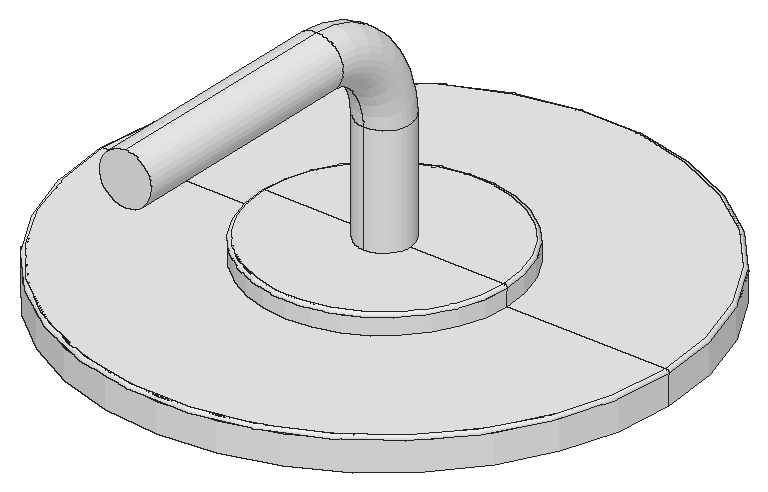
Revit family "Trim-Handle-Waterworks-Flyte-Thermostatic_Controlq", category Plumbing Fixtures, host Face, Revit 2014
Parameters (values of type "NOT A TYPE - Load Type Catalog")
  ‌Installation Requirements or Notes = "Requires 1/2'' valve rough GUTH56 (USA) or GU56TH (UK) sold separately"  # constant formula
  Waste Connection = 1 = 0  # no
  Warranty = "http://www.waterworks.com/warranty"
  Version = "2014 - v1.0a"  # constant formula
  Vent Connection = 1 = 0  # no
  Support Phone = "(224) 699-9545"  # constant formula
  Support Email = "mailto:support@anguleris.com"
  Model SKU = if(and(Constraint = 1, ControlM = 1), "05-78610-04662", if(and(Constraint = 1, ControlM = 2), "05-09015-72663", if(and(Constraint = 1, ControlM = 3), "05-56005-51168", if(and(Constraint = 1, ControlM = 4), "05-92204-10618", if(and(Constraint = 2, ControlM = 5), "05-35585-21642", if(and(Constraint = 2, ControlM = 6), "05-44467-86764", if(and(Constraint = 2, ControlM = 7), "05-21214-09374", if(and(Constraint = 2, ControlM = 8), "05-52306-92587", "Not Available"))))))))  # "05-78610-04662"
  Manufacturer Email = "mailto:acallanan@waterworks.com"
  Lever Handles = if(Constraint = 1, 1 = 1, 1 = 0)  # yes
  Length = 0' - 5 1/2"  # constant formula
  Keynote = "22 40 00"
  Hot Limit Safety Stop = 1 = 0  # no
  Height = 0' - 5 1/2"  # constant formula
  HW Connection = 1 = 1  # yes
  WFU = 0
  URL = "http://www.waterworks.com/"
  Product Page URL = "http://www.waterworks.com/flyte-thermostatic-control-valve-trim-with-metal-lever-handle-flth10"
  Product Name = if(Constraint = 1, "Flyte Thermostatic Control Valve Trim with Metal Lever Handle", "Flyte Thermostatic Control Valve Trim with Metal Cross Handle")  # "Flyte Thermostatic Control Valve Trim with Metal Lever Handle"
  Product Documentation Link = "http://assets.waterworks.com/wasset/30/original/35830.pdf"
  Model = if(Constraint = 1, "FLTH10", "FLTH01")  # "FLTH10"
  Material = ""
  Manufacturer Phone Number = "(203)546-6201"  # constant formula
  Manufacturer Address = "60 Backus Avenue, Danbury, CT 06810"  # constant formula
  Manufacturer = "Waterworks"  # constant formula
  HWFU = 0
  Fittings Hole Diameter = 0' - 4 1/2"  # constant formula
  Finish = Metal - Waterworks - Chrome
  Diverter Valve Rough-in Depth Minimum = 0' - 3 1/4"  # constant formula
  Diverter Valve Rough-in Depth Maximum = 0' - 4 1/4"  # constant formula
  Description = if(and(Constraint = 1, ControlM = 1), "Flyte Thermostatic Control Valve Trim with Metal Lever Handle in Chrome", if(and(Constraint = 1, ControlM = 2), "Flyte Thermostatic Control Valve Trim with Metal Lever Handle in Graphite", if(and(Constraint = 1, ControlM = 3), "Flyte Thermostatic Control Valve Trim with Metal Lever Handle in Nickel", if(and(Constraint = 1, ControlM = 4), "Flyte Thermostatic Control Valve Trim with Metal Lever Handle in Unlacquered Brass", if(and(Constraint = 2, ControlM = 5), "Flyte Thermostatic Control Valve Trim with Metal Cross Handle in Chrome", if(and(Constraint = 2, ControlM = 6), "Flyte Thermostatic Control Valve Trim with Metal Cross Handle in Graphite", if(and(Constraint = 2, ControlM = 7), "Flyte Thermostatic Control Valve Trim with Metal Cross Handle in Nickel", if(and(Constraint = 2, ControlM = 8), "Flyte Thermostatic Control Valve Trim with Metal Cross Handle in Unlacquered Brass", "Not Available"))))))))  # "Flyte Thermostatic Control Valve Trim with Metal Lever Handle in Chrome"
  Depth = 0' - 2 5/8"  # constant formula
  Default Elevation = 2' - 10"
  Cross Handles = not(Lever Handles)  # no
  Copyright = "@2017 Waterworks Operating Company LLC. All rights reserved"  # constant formula
  ControlM = 1
  Control Valve Rough-in Depth Minimum = 0' - 3 1/4"  # constant formula
  Control Valve Rough-in Depth Maximum = 0' - 4 1/4"  # constant formula
  Constraint = 1
  Code Compliance = if(Constraint = 1, "Code # FLSV10: Complies with ASME A112.18.1/CSA B125.1, ASTM E 1621-05, ANSI A117.1 ADA. Certified with IAPMO, cUPC & State of MA", "Code # FLSV01: Complies with ASME A112.18.1/CSA B125.1, ASTM E 1621-05, ANSI A117.1 ADA. Certified with IAPMO, cUPC & State of MA")  # "Code # FLSV10: Complies with ASME A112.18.1/CSA B125.1, ASTM E 1621-05, ANSI A117.1 ADA. Certified with IAPMO, cUPC & State of MA"
  Certification cUPC = 1 = 1  # yes
  Certification State of MA = 1 = 1  # yes
  Certification IAPMO = 1 = 1  # yes
  CWFU = 0
  CW Connection = 1 = 1  # yes
  Assembly Code = "D2010"
  Anti-scald Protection = 1 = 0  # no
  ADA Compliant = 1 = 1  # yes
Reference planes (in)
  plane 1 "Center (Front/Back)": y = 0
  plane 2 "Bottom": z = 0
  plane 3 "Center (Left/Right)": x = 0
  plane 4 "Top": z = 2.625
  plane 5 "Left": x = -2.75
  plane 6 "Right": x = 2.75
  plane 7 "Back": y = 2.75
  plane 8 "Front": y = -2.75
  plane 9: z = 2.375
  plane 10: z = 0.5
  plane 11: y = -3.125
  plane 12: z = 0.3125
Forms (in)
  Revolve 1, solid, material "Metal - Waterworks - Chrome" <- "Finish"
    sketch origin (0, 0, 0) x (1, 0, 0) y (0, 0, 1)
      loop
        line (-1.1875, 0.3125) -> (-2.71875, 0.3125)
        arc (-2.71875, 0.3125) -> (-2.74085, 0.30335) -> (-2.75, 0.28125) r 0.03125
        line (-2.75, 0.28125) -> (-2.75, 0) -> (0, 0) -> (0, 0.5) -> (-1.15625, 0.5)
        arc (-1.15625, 0.5) -> (-1.17835, 0.49085) -> (-1.1875, 0.46875) r 0.03125
        line (-1.1875, 0.46875) -> (-1.1875, 0.3125)
      axis (0, 0.5) -> (0, 0)
    angle from 0 to 360
  Extrusion 2, solid, material "Metal - Waterworks - Chrome" <- "Finish", visible <- "Cross Handles"
    sketch origin (0, 0, 0) x (1, 0, 0) y (0, 1, 0)
      loop
        circle (0, 0) r 0.25
    from 0.5 to 2.375
  Sweep 3, solid, material "Metal - Waterworks - Chrome" <- "Finish", visible <- "Cross Handles"
    path origin (-6, -180, 2.375) x (-1, 0, 0) y (0, -1, 0)
      loop
        line (-6.97227, -179.02773) -> (-5.02773, -180.97227)
    profile origin (0, 0, 2.375) x (-0.707107, -0.707107, 0) y (0, 0, 1)
      loop
        circle (0, 0) r 0.25
  Sweep 4, solid, material "Metal - Waterworks - Chrome" <- "Finish", visible <- "Cross Handles"
    path origin (-6, -180, 2.375) x (-1, 0, 0) y (0, -1, 0)
      loop
        line (-5.02773, -179.02773) -> (-6.97227, -180.97227)
    profile origin (0, 0, 2.375) x (-0.707107, 0.707107, 0) y (0, 0, 1)
      loop
        circle (0, 0) r 0.25
  Sweep 5, solid, material "Metal - Waterworks - Chrome" <- "Finish", visible <- "Lever Handles"
    path origin (0, 0, 0) x (0, 1, 0) y (0, 0, 1)
      loop
        line (0, 0.5) -> (0, 1.5625)
        arc (0, 1.5625) -> (-0.23798, 2.13702) -> (-0.8125, 2.375) r 0.8125
        line (-0.8125, 2.375) -> (-3.125, 2.375)
    profile origin (0, 0, 1.03125) x (0, -1, 0) y (1, 0, 0)
      loop
        circle (0, 0) r 0.25
Lines and regions (in)
  Masking region 1, visible <- "Lever Handles", detail levels medium+fine
    outline origin (0, 1.1875, 3.625) x (0, 0, -1) y (-1, 0, 0)
      loop
        line (3.625, -2.75) -> (3.625, 2.75) -> (3.3125, 2.75) -> (3.3125, 1.1875) -> (3.125, 1.1875) -> (3.125, 0.25) -> (1.25, 0.25)
        arc (1.25, 0.25) -> (1, 0) -> (1.25, -0.25) r 0.25
        line (1.25, -0.25) -> (3.125, -0.25) -> (3.125, -1.1875) -> (3.3125, -1.1875) -> (3.3125, -2.75) -> (3.625, -2.75)
  Masking region 2, visible <- "Cross Handles", detail levels medium+fine
    outline origin (0, 1.1875, 3.625) x (0, 0, -1) y (-1, 0, 0)
      loop
        line (3.625, -2.75) -> (3.625, 2.75) -> (3.3125, 2.75) -> (3.3125, 1.1875) -> (3.125, 1.1875) -> (3.125, 0.25) -> (1.5, 0.25) -> (1.5, 0.97227)
        spline (1.5, 0.97227) -> (1.49148, 1.01802) -> (1.46651, 1.06066) -> (1.42678, 1.09727) -> (1.375, 1.12536) -> (1.3147, 1.14302) -> (1.25, 1.14905) -> (1.1853, 1.14302) -> (1.125, 1.12536) -> (1.07322, 1.09727) -> (1.03349, 1.06066) -> (1.00852, 1.01802) -> (1, 0.97227)
        line (1, 0.97227) -> (1, -0.97227)
        spline (1, -0.97227) -> (1.00852, -1.01802) -> (1.03349, -1.06066) -> (1.07322, -1.09727) -> (1.125, -1.12536) -> (1.1853, -1.14302) -> (1.25, -1.14905) -> (1.3147, -1.14302) -> (1.375, -1.12536) -> (1.42678, -1.09727) -> (1.46651, -1.06066) -> (1.49148, -1.01802) -> (1.5, -0.97227)
        line (1.5, -0.97227) -> (1.5, -0.25) -> (3.125, -0.25) -> (3.125, -1.1875) -> (3.3125, -1.1875) -> (3.3125, -2.75) -> (3.625, -2.75)
  Masking region 3, detail levels coarse
    outline origin (0, 1.1875, 3.625) x (0, 0, -1) y (-1, 0, 0)
      loop
        line (3.625, -2.75) -> (3.625, 2.75) -> (3.3125, 2.75) -> (3.3125, 0.25) -> (1.5, 0.25) -> (1.5, 0.97227) -> (1, 0.97227) -> (1, -0.97227) -> (1.5, -0.97227) -> (1.5, -0.25) -> (3.3125, -0.25) -> (3.3125, -2.75) -> (3.625, -2.75)
  Masking region 4, detail levels coarse
    outline origin (0, 1.1875, 3.625) x (0, 0, -1) y (-1, 0, 0)
      loop
        line (3.625, -2.75) -> (3.625, 2.75) -> (3.3125, 2.75) -> (3.3125, 0.25) -> (1.25, 0.25)
        arc (1.25, 0.25) -> (1, 0) -> (1.25, -0.25) r 0.25
        line (1.25, -0.25) -> (3.3125, -0.25) -> (3.3125, -2.75) -> (3.625, -2.75)
  symbolic lines, style "Medium", detail levels fine
    curve 1: line (1.1875, 1.1875, 0.3125) -> (-1.1875, 1.1875, 0.3125)
  symbolic lines, style "Medium", detail levels medium+fine
    curve 2: line (0.25, 1.1875, 0.5) -> (-0.25, 1.1875, 0.5)
  symbolic lines, style "Medium", visible <- "Cross Handles", detail levels fine
    curve 3: spline (0.97227, 1.1875, 2.625) -> (0.92678, 1.1875, 2.61648) -> (0.88438, 1.1875, 2.59151) -> (0.84798, 1.1875, 2.55178) -> (0.82004, 1.1875, 2.5) -> (0.80248, 1.1875, 2.4397) -> (0.79649, 1.1875, 2.375) -> (0.80248, 1.1875, 2.3103) -> (0.82004, 1.1875, 2.25) -> (0.84798, 1.1875, 2.19822) -> (0.88438, 1.1875, 2.15849) -> (0.92678, 1.1875, 2.13352) -> (0.97227, 1.1875, 2.125)
    curve 4: spline (-0.97227, 1.1875, 2.625) -> (-0.92678, 1.1875, 2.61648) -> (-0.88438, 1.1875, 2.59151) -> (-0.84798, 1.1875, 2.55178) -> (-0.82004, 1.1875, 2.5) -> (-0.80248, 1.1875, 2.4397) -> (-0.79649, 1.1875, 2.375) -> (-0.80248, 1.1875, 2.3103) -> (-0.82004, 1.1875, 2.25) -> (-0.84798, 1.1875, 2.19822) -> (-0.88438, 1.1875, 2.15849) -> (-0.92678, 1.1875, 2.13352) -> (-0.97227, 1.1875, 2.125)
Dimensions and locks (in)
  equal spacing: plane 5 "Left", plane 3 "Center (Left/Right)", plane 6 "Right", locked at 2.75 each
  equal spacing: plane 8 "Front", plane 1 "Center (Front/Back)", plane 7 "Back", locked at 2.75 each
  locked: plane 4 "Top" to plane 9 at 0.25
  locked: Extrusion 2 sketch curve to plane 3 "Center (Left/Right)" at 0.25
  locked: plane 3 "Center (Left/Right)" to Sweep 4 sketch curve at 0
  equal spacing: Sweep 4 sketch curve, plane 3 "Center (Left/Right)", Sweep 4 sketch curve, locked at 1.375 each
  locked: plane 3 "Center (Left/Right)" to Sweep 3 sketch curve at 0
  locked: plane 11 to plane 1 "Center (Front/Back)" at 3.125
  locked: Sweep 5 sketch curve to plane 2 "Bottom" at 1.5625
  plane 12 to plane 2 "Bottom" = 0' - 0 5/16"
  locked: plane 10 to plane 12 at 0.1875
  plane 3 "Center (Left/Right)" to Revolve 1 sketch curve to Revolve 1 sketch curve = 0' - 1 5/32" locked, 0' - 0 1/32" locked
  equal spacing: Sweep 3 sketch curve, plane 3 "Center (Left/Right)", Sweep 3 sketch curve, locked at 1.375 each
  plane 5 "Left" to plane 6 "Right" = 0' - 5 1/2"
  locked: Revolve 1 sketch curve to plane 5 "Left" at 0.03125
  locked: plane 12 to Revolve 1 sketch curve at 0.03125
  locked: plane 10 to Revolve 1 sketch curve at 0.03125
  Masking region 1 sketch curve to Masking region 1 sketch curve to plane 3 "Center (Left/Right)" to Masking region 1 sketch curve to Masking region 1 sketch curve = 0' - 0 15/16" locked, 0' - 0 1/4" locked, 0' - 0 1/4" locked, 0' - 0 15/16" locked
  locked: plane 9 to Masking region 1 sketch curve at 0.25
  Masking region 2 sketch curve to Masking region 2 sketch curve to Masking region 2 sketch curve to plane 3 "Center (Left/Right)" to Masking region 2 sketch curve to Masking region 2 sketch curve to Masking region 2 sketch curve = 0' - 0.21523" locked, 0' - 0.72227" locked, 0' - 0 1/4" locked, 0' - 0 1/4" locked, 0' - 0.72227" locked, 0' - 0.21523" locked
  Masking region 3 sketch curve to Masking region 3 sketch curve to plane 3 "Center (Left/Right)" to Masking region 3 sketch curve to Masking region 3 sketch curve = 0' - 0.72227" locked, 0' - 0 1/4" locked, 0' - 0 1/4" locked, 0' - 0.72227" locked
  Masking region 3 sketch curve to Masking region 3 sketch curve to plane 9 = 0' - 0" locked, 0' - 0 1/4" locked
  Masking region 4 sketch curve to plane 3 "Center (Left/Right)" to Masking region 4 sketch curve = 0' - 0 1/4" locked, 0' - 0 1/4" locked
  angle plane 1 "Center (Front/Back)" to Sweep 4 sketch curve = 45.00°
  angle Sweep 3 sketch curve to plane 1 "Center (Front/Back)" = 45.00°
  aligned and locked: host face to plane 2 "Bottom"
  aligned and locked: level to host face
  aligned and locked: Revolve 1 sketch curve to plane 3 "Center (Left/Right)"  (x2)
  aligned and locked: plane 3 "Center (Left/Right)" to Extrusion 2 sketch curve
  aligned and locked: plane 1 "Center (Front/Back)" to Extrusion 2 sketch curve
  aligned and locked: plane 9 to Extrusion 2
  aligned and locked: Extrusion 2 to plane 10
  aligned and locked: profile plane to plane 9  (x2)
  aligned and locked: plane 3 "Center (Left/Right)" to Sweep 3 sketch curve
  aligned and locked: plane 9 to Sweep 3 sketch curve
  aligned and locked: plane 9 to Sweep 4 sketch curve
  aligned and locked: plane 3 "Center (Left/Right)" to Sweep 4 sketch curve
  aligned and locked: plane 1 "Center (Front/Back)" to Sweep 5 sketch curve
  aligned and locked: Sweep 5 sketch curve to plane 9
  aligned and locked: plane 11 to Sweep 5 sketch curve
  aligned and locked: plane 10 to Sweep 5 sketch curve
  aligned and locked: Sweep 5 sketch curve to Extrusion 2  (x2)
  aligned and locked: Revolve 1 sketch curve to plane 10
  aligned and locked: Revolve 1 sketch curve to plane 2 "Bottom"
  aligned and locked: Revolve 1 sketch curve to plane 5 "Left"
  aligned and locked: plane 12 to Revolve 1 sketch curve
  aligned and locked: plane 10 to Masking region 1 sketch curve  (x2)
  aligned and locked: plane 12 to Masking region 1 sketch curve  (x2)
  aligned and locked: plane 6 "Right" to Masking region 1 sketch curve
  aligned and locked: Masking region 1 sketch curve to plane 5 "Left"
  aligned and locked: Masking region 1 sketch curve to plane 2 "Bottom"
  aligned and locked: plane 9 to Masking region 1 sketch curve
  aligned and locked: curve 2 to plane 10
  aligned and locked: curve 1 to plane 12
  aligned and locked: Masking region 2 sketch curve to plane 4 "Top"
  aligned and locked: Masking region 3 sketch curve to plane 4 "Top"
  aligned and locked: plane 12 to Masking region 3 sketch curve  (x2)
  aligned and locked: Masking region 3 sketch curve to plane 5 "Left"
  aligned and locked: plane 6 "Right" to Masking region 3 sketch curve
  aligned and locked: Masking region 3 sketch curve to plane 2 "Bottom"
  aligned and locked: plane 12 to Masking region 4 sketch curve  (x2)
  aligned and locked: Masking region 4 sketch curve to plane 5 "Left"
  aligned and locked: plane 6 "Right" to Masking region 4 sketch curve
  aligned and locked: Masking region 4 sketch curve to plane 2 "Bottom"
  aligned and locked: plane 9 to Masking region 4 sketch curve
  aligned and locked: plane 3 "Center (Left/Right)" to Masking region 4 sketch curve
Automatic sketch dimensions
  host sketch curve to host sketch curve = 6' - 0"  (x2)
  plane 9 to Sweep 3 sketch curve = 0' - 0"
  Sweep 3 sketch curve to profile plane = 0' - 0"
  Sweep 4 sketch curve to profile plane = 0' - 0"
  Revolve 1 sketch curve to Revolve 1 sketch curve = 0' - 11.67708"
  plane 4 "Top" to Revolve 1 sketch curve = 0' - 9 11/16"
  Masking region 1 sketch curve to plane 4 "Top" = 0' - 0 1/4"
  curve 4 to plane 4 "Top" = 0' - 0"
  curve 3 to plane 4 "Top" = 0' - 0"
  curve 3 to plane 9 = 0' - 0"
  curve 4 to plane 9 = 0' - 0"
  plane 3 "Center (Left/Right)" to curve 1 = 0' - 1 3/16"
  plane 3 "Center (Left/Right)" to curve 3 = 0' - 0.97227"
  plane 3 "Center (Left/Right)" to curve 2 = 0' - 0 1/4"
  curve 2 to plane 3 "Center (Left/Right)" = 0' - 0 1/4"
  curve 4 to plane 3 "Center (Left/Right)" = 0' - 0.97227"
  curve 2 to curve 1 = 0' - 0 15/16"
  Masking region 2 sketch curve to plane 9 = 0' - 0"  (x2)
  Masking region 2 sketch curve to plane 10 = 0' - 0"  (x2)
  Masking region 2 sketch curve to plane 6 "Right" = 0' - 0"
  Masking region 2 sketch curve to plane 12 = 0' - 0"  (x2)
  Masking region 2 sketch curve to level = 0' - 0"
  Masking region 2 sketch curve to plane 5 "Left" = 0' - 0"
  radius of Sweep 3 sketch curve = 0' - 0 1/4"
  radius of Sweep 4 sketch curve = 0' - 0 1/4"
